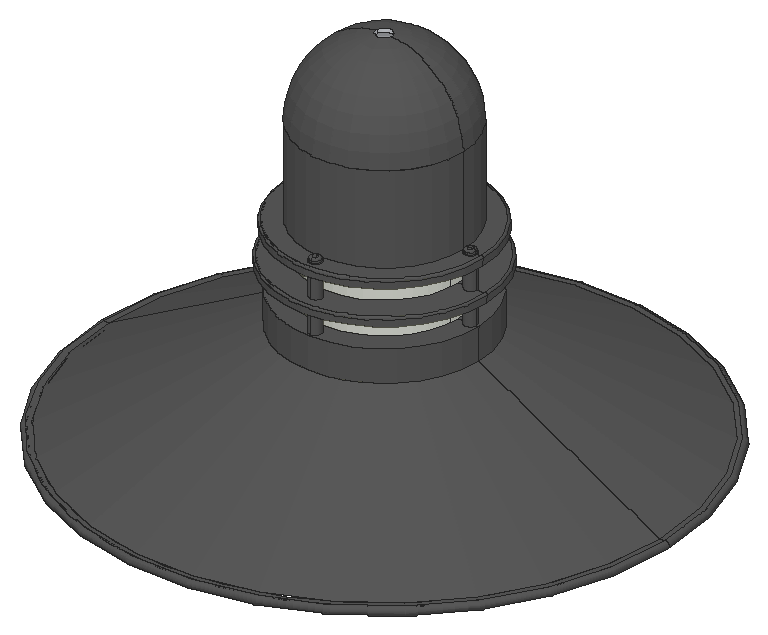
Revit family "UCR218 SHADE", category Lighting Fixtures, Revit 2024
Family settings
  Round Connector Dimension = Use Diameter
  Part Type = Normal
  OmniClass Number = 23.80.70.00
  OmniClass Title = Lighting
  Work Plane-Based = No
  Always vertical = Yes
  Cut with Voids When Loaded = No
  Light Source = Yes
  Maintain Annotation Orientation = No
  Shared = No
  Room Calculation Point = No
Parameters
  Wattage = 12.1178 W
  built-in parameter 1150110 = 1 (stored number, unit not read)
  built-in parameter 1114217 = 1 (stored number, unit not read)
  built-in parameter 1150109 = 1 (stored number, unit not read)
  built-in parameter 1150134 = (empty or 0)
  built-in parameter 1150113 = 1 (stored number, unit not read)
  Lumens = 1800 lm
  built-in parameter 1150115 = 1 (stored number, unit not read)
  built-in parameter 1150105 = 572.96 (stored number, unit not read)
  Light Source Symbol Size = 2' - 0"
  built-in parameter 1150137 = (empty or 0)
  built-in parameter 1150139 = (empty or 0)
  built-in parameter 1150112 = 1 (stored number, unit not read)
  built-in parameter 1150114 = 1 (stored number, unit not read)
  built-in parameter 1150132 = 2
  built-in parameter 1150102 = (empty or 0)
  built-in parameter 1150138 = (empty or 0)
  built-in parameter 1150107 = 3000 (stored number, unit not read)
  built-in parameter 1150106 = 5.7296 (stored number, unit not read)
  built-in parameter 1150104 = 13.8 (stored number, unit not read)
  Dimming Lamp Color Temperature Shift = (empty or 0)
  Default Elevation = 0' - 0"
  Color Filter = 16777215
  built-in parameter 1114218 = 1 (stored number, unit not read)
  built-in parameter 1150133 = 10 (stored number, unit not read)
Reference planes (in)
  plane 1 "Light Source Axis (F/B)": y = 0
  plane 2: z = 0
  plane 3 "Light Source Axis (L/R)": x = 0
  plane 4 "Light Source Elevation": z = 54
Forms (in)
  Revolve 1, solid
    sketch origin (0, 0, 0) x (1, 0, 0) y (0, 0, 1)
      loop
        line (-8.71103, 54.25) -> (-8.875, 54.25)
        arc (-8.875, 54.25) -> (-8.96399, 54.03722) -> (-8.75001, 54.12328) r 0.125
        line (-8.75001, 54.12328) -> (-2.90625, 57.21725) -> (-2.90625, 58.15625) -> (-2.36335, 58.15625) -> (-2.36335, 58.25) -> (-3, 58.25) -> (-3, 57.27369) -> (-8.71103, 54.25)
      loop
        line (-3.25, 59.01397) -> (-3.15625, 59.01397) -> (-3.15625, 59.17022) -> (-2.36335, 59.17022) -> (-2.36335, 59.26397) -> (-3.1875, 59.26397)
        arc (-3.1875, 59.26397) -> (-3.23169, 59.24567) -> (-3.25, 59.20147) r 0.0625
        line (-3.25, 59.20147) -> (-3.25, 59.01397)
      loop
        line (-3.125, 60.01397) -> (-3.03125, 60.01397) -> (-3.03125, 60.17022) -> (-2.40625, 60.17022) -> (-2.40625, 63.01397)
        arc (-2.40625, 63.01397) -> (-1.78768, 64.62464) -> (-0.25, 65.4072) r 2.40625
        line (-0.25, 65.4072) -> (-0.25, 65.50144)
        arc (-0.25, 65.50144) -> (-1.85405, 64.69102) -> (-2.5, 63.01397) r 2.5
        line (-2.5, 63.01397) -> (-2.5, 60.26397) -> (-3.0625, 60.26397)
        arc (-3.0625, 60.26397) -> (-3.10669, 60.24567) -> (-3.125, 60.20147) r 0.0625
        line (-3.125, 60.20147) -> (-3.125, 60.01397)
      loop
        line (-2.1, 60.84942) -> (-2.1, 55.52927)
        arc (-2.1, 55.52927) -> (-1.48492, 54.04435) -> (0, 53.42927) r 2.1
        line (0, 53.42927) -> (0, 53.52302)
        arc (0, 53.52302) -> (-1.41863, 54.11064) -> (-2.00625, 55.52927) r 2.00625
        line (-2.00625, 55.52927) -> (-2.00625, 60.84942) -> (-2.1, 60.84942)
      axis (0, 65.50144) -> (0, 53.42927)
    angle from 0 to 360
  Sweep 2, solid
    path origin (0, 0, 1.63897) x (1, 0, 0) y (0, 0, 1)
      loop
        line (-2.72529, 56.61103) -> (-2.72529, 58.625)
    profile origin (-2.72529, 0, 59.25699) x (-1, 0, 0) y (0, -1, 0)
      loop
        circle (0, 0) r 0.1875
  Revolve 3, solid
    sketch origin (0, 0, 1.63897) x (1, 0, 0) y (0, 0, 1)
      loop
        line (-2.72529, 58.625) -> (-2.72529, 58.73904) -> (-2.82891, 58.73904)
        arc (-2.82891, 58.73904) -> (-2.86416, 58.72444) -> (-2.87875, 58.6892) r 0.04984
        line (-2.87875, 58.6892) -> (-2.87875, 58.625) -> (-2.72529, 58.625)
      axis (-2.72529, 58.73904) -> (-2.72529, 58.625)
    angle from 0 to 360
  Sweep 4, solid
    path origin (0, 0, 1.63897) x (0, -1, 0) y (0, 0, 1)
      loop
        line (-2.72529, 56.61103) -> (-2.72529, 58.625)
    profile origin (0, 2.72529, 59.25699) x (0, 1, 0) y (-1, 0, 0)
      loop
        circle (0, 0) r 0.1875
  Revolve 5, solid
    sketch origin (0, 0, 1.63897) x (0, -1, 0) y (0, 0, 1)
      loop
        line (-2.72529, 58.625) -> (-2.72529, 58.73904) -> (-2.82891, 58.73904)
        arc (-2.82891, 58.73904) -> (-2.86416, 58.72444) -> (-2.87875, 58.6892) r 0.04984
        line (-2.87875, 58.6892) -> (-2.87875, 58.625) -> (-2.72529, 58.625)
      axis (-2.72529, 58.73904) -> (-2.72529, 58.625)
    angle from 0 to 360
  Sweep 6, solid
    path origin (0, 0, 1.63897) x (0, 1, 0) y (0, 0, 1)
      loop
        line (-2.72529, 56.61103) -> (-2.72529, 58.625)
    profile origin (0, -2.72529, 59.25699) x (0, -1, 0) y (1, 0, 0)
      loop
        circle (0, 0) r 0.1875
  Revolve 7, solid
    sketch origin (0, 0, 1.63897) x (0, 1, 0) y (0, 0, 1)
      loop
        line (-2.72529, 58.625) -> (-2.72529, 58.73904) -> (-2.82891, 58.73904)
        arc (-2.82891, 58.73904) -> (-2.86416, 58.72444) -> (-2.87875, 58.6892) r 0.04984
        line (-2.87875, 58.6892) -> (-2.87875, 58.625) -> (-2.72529, 58.625)
      axis (-2.72529, 58.73904) -> (-2.72529, 58.625)
    angle from 0 to 360
  Sweep 8, solid
    path origin (0, 0, 1.63897) x (-1, 0, 0) y (0, 0, 1)
      loop
        line (-2.72529, 56.61103) -> (-2.72529, 58.625)
    profile origin (2.72529, 0, 59.25699) x (1, 0, 0) y (0, 1, 0)
      loop
        circle (0, 0) r 0.1875
  Revolve 9, solid
    sketch origin (0, 0, 1.63897) x (-1, 0, 0) y (0, 0, 1)
      loop
        line (-2.72529, 58.625) -> (-2.72529, 58.73904) -> (-2.82891, 58.73904)
        arc (-2.82891, 58.73904) -> (-2.86416, 58.72444) -> (-2.87875, 58.6892) r 0.04984
        line (-2.87875, 58.6892) -> (-2.87875, 58.625) -> (-2.72529, 58.625)
      axis (-2.72529, 58.73904) -> (-2.72529, 58.625)
    angle from 0 to 360
Dimensions and locks (in)
  aligned and locked: plane 3 "Light Source Axis (L/R)" to imposter light
  aligned and locked: plane 1 "Light Source Axis (F/B)" to imposter light
  aligned and locked: plane 4 "Light Source Elevation" to imposter light
  aligned and locked: level to plane 2
